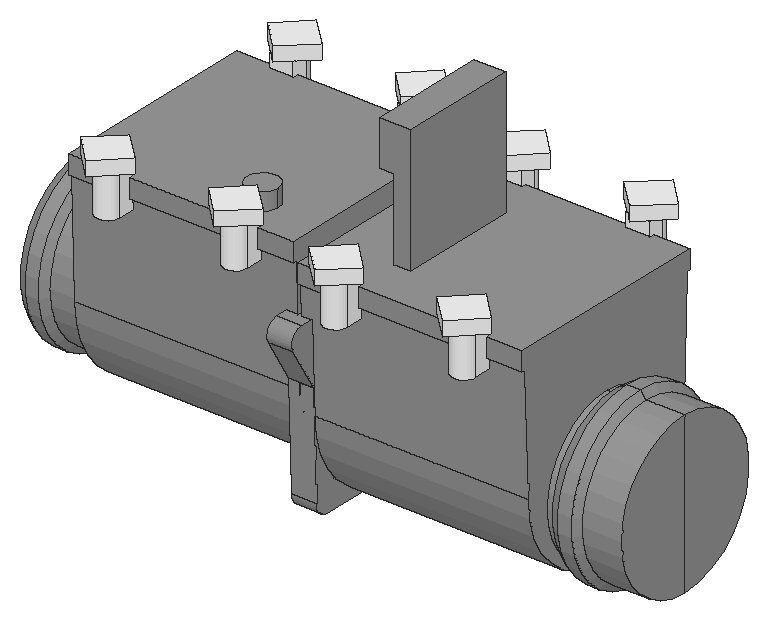
Revit family "HL_RU_Anti-flooding valve_HL712.2-A-171212", category Příslušenství trubek, Revit 2021
Family settings
  Kóta kulaté spojky = Použít průměr
  Typ dílu = Normální
  Číslo OmniClass = 23.65.55.14.21
  Nadpis OmniClass = Non-Return Valves for Liquid Services
  Založené na pracovní rovině = Ne
  Vždy vertikální = Ano
  Ořezat dutým tvarem při načtení = Ne
  Sdílené = Ne
Parameters (values of type "HL_Механический канализационный затвор_HL712.2")
  РАЗМЕР = "DN125"
  ПРОПУСКНАЯ СПОСОБНОСТЬ [instance] = 0.0 m³/h
  ПРАВОВАЯ ИНФОРМАЦИЯ = "\"Авторские права(©), права на дизайн или какие либо другие права интелектуальной собственности являются исключительной собственностью компании HL Hutterer & Lechner. Изменению не подлежит. Файл семейства с данными о прозводителе изделия защищен паролем с водяным знаком.\""
  ПАДЕНИЕ ДАВЛЕНИЯ [instance] = 0.0 Pa
  НОМИНАЛЬНЫЙ ДИАМЕТР 2 = 125 mm
  НОМИНАЛЬНЫЙ ДИАМЕТР = 125 mm
  МАТЕРИАЛ = "ABS"
  ВЫСОТА МОНТАЖА = "320 mm"
  ВЕС = "3,32 kg"
  Výrobce = "HL Hutterer & Lechner GmbH"
  Výchozí výška = 0 mm
  URL = "http://www.hutterer-lechner.com/ru/products/catalog/roof-drains/HL712.2.aspx"
  Popis = "Механический канализационный затвор"
  Model = "HL712.2"
  Komentáře k typům = "Механический канализационный затвор DN125 с 2 заслонками из нержавеющей стали и ручным затвором."
  Keynote = "HL712.2"
  EAN = "9003076971220"
  Cena = 0
Types (2, lengths in mm): name | URL | Popis | Komentáře k typům
  (no name) | "http://www.hutterer-lechner.com/en/products/catalog/roof-drains/HL712.2.aspx" | "Anti flood valves" | "anti-flood valve DN125 with 2 stainless steel flap and manual blocking"
  HL_Механический канализационный затвор_HL712.2 | "http://www.hutterer-lechner.com/ru/products/catalog/roof-drains/HL712.2.aspx" | "Механический канализационный затвор" | "Механический канализационный затвор DN125 с 2 заслонками из нержавеющей стали и ручным затвором."
Values of the unnamed type that differ from the named types
  ПРАВОВАЯ ИНФОРМАЦИЯ = "\"Copyright (©), design rights or any other intellectual property rights, shall be the exclusive property of HL Hutterer & Lechner GmbH. Modification is not allowed. Family has been watermarked.\""
Reference planes
  plane 1 "Střed (vpředu/vzadu)": y = 0
  plane 2: z = 0
  plane 3 "Střed (vlevo/vpravo)": x = 0
Forms (mm)
  Sweep 1, solid, material "Plastic - Orange", detail levels fine
    path origin (292.29, 0, 108.4) x (1, 0, 0) y (0, 1, 0)
      loop
        line (94.75, 0) -> (-94.75, 0)
    profile origin (292.29, 0, 108.4) x (0, -1, 0) y (0, 0, 1)
      loop
        line (0, 0) -> (-88.191, 0) -> (-88.191, -16) -> (-85.007, -16) -> (-81.547, -115.07)
        arc (-81.547, -115.07) -> (-58.136, -173.311) -> (0, -196.982) r 80.412
        arc (0, -196.982) -> (58.136, -173.311) -> (81.547, -115.07) r 80.412
        line (81.547, -115.07) -> (85.007, -16) -> (88.191, -16) -> (88.191, 0) -> (0, 0)
  Extrusion 2, solid, material "Plactic - White", detail levels fine
    sketch origin (292.29, 0, 108.4) x (1, 0, 0) y (0, 1, 0)
      loop
        line (54, -121.127) -> (76.627, -98.5) -> (54, -75.873) -> (31.373, -98.5) -> (54, -121.127)
    from 11.235 to 23.235
  Extrusion 3, solid, material "Plactic - White", detail levels fine
    sketch origin (292.29, 0, 119.635) x (0, 1, 0) y (1, 0, 0)
      loop
        arc (-98.5, 64) -> (-108.5, 54) -> (-98.5, 44) r 10
        line (-98.5, 44) -> (-84.694, 44) -> (-84.694, 64) -> (-98.5, 64)
    from 0 to 37.235
  Extrusion 4, solid, material "Plactic - White", detail levels fine
    sketch origin (184.29, 0, 108.4) x (1, 0, 0) y (0, 1, 0)
      loop
        line (54, -121.127) -> (76.627, -98.5) -> (54, -75.873) -> (31.373, -98.5) -> (54, -121.127)
    from 11.235 to 23.235
  Extrusion 5, solid, material "Plactic - White", detail levels fine
    sketch origin (184.29, 0, 119.635) x (0, 1, 0) y (1, 0, 0)
      loop
        arc (-98.5, 64) -> (-108.5, 54) -> (-98.5, 44) r 10
        line (-98.5, 44) -> (-84.694, 44) -> (-84.694, 64) -> (-98.5, 64)
    from 0 to 37.235
  Extrusion 6, solid, material "Plactic - White", detail levels fine
    sketch origin (292.29, 0, 108.4) x (1, 0, 0) y (0, 1, 0)
      loop
        line (54, 121.127) -> (31.373, 98.5) -> (54, 75.873) -> (76.627, 98.5) -> (54, 121.127)
    from 11.235 to 23.235
  Extrusion 7, solid, material "Plactic - White", detail levels fine
    sketch origin (292.29, 0, 119.635) x (0, -1, 0) y (1, 0, 0)
      loop
        arc (-98.5, 64) -> (-108.5, 54) -> (-98.5, 44) r 10
        line (-98.5, 44) -> (-84.694, 44) -> (-84.694, 64) -> (-98.5, 64)
    from 0 to 37.235
  Extrusion 8, solid, material "Plactic - White", detail levels fine
    sketch origin (184.29, 0, 108.4) x (1, 0, 0) y (0, 1, 0)
      loop
        line (54, 121.127) -> (31.373, 98.5) -> (54, 75.873) -> (76.627, 98.5) -> (54, 121.127)
    from 11.235 to 23.235
  Extrusion 9, solid, material "Plactic - White", detail levels fine
    sketch origin (184.29, 0, 119.635) x (0, 1, 0) y (1, 0, 0)
      loop
        line (98.5, 64) -> (84.694, 64) -> (84.694, 44) -> (98.5, 44)
        arc (98.5, 44) -> (108.5, 54) -> (98.5, 64) r 10
    from 0 to 37.235
  Revolve 10, solid, material "Plastic - Orange", not visible, detail levels fine
    sketch origin (296.226, 0, 106.353) x (1, 0, 0) y (0, 0, 1)
      loop
        line (157.469, -128.5) -> (90.814, -128.5) -> (90.814, -191) -> (157.469, -191) -> (157.469, -128.5)
      axis (157.469, -128.5) -> (90.814, -128.5)
    angle from 0 to 360
  Extrusion 11, solid, material "Plastic - Red", detail levels fine
    sketch origin (296.226, 0, 108.4) x (1, 0, 0) y (0, 0, 1)
      loop
        line (-60.186, 106.5) -> (-60.186, 68.5) -> (-47.686, 68.5) -> (-47.686, 0) -> (-33.686, 0) -> (-33.686, 106.5) -> (-60.186, 106.5)
    from -50 to 50
  Sweep 12, solid, material "Plastic - Orange", detail levels fine
    path origin (99.75, 0, 123.4) x (1, 0, 0) y (0, 1, 0)
      loop
        line (94.75, 0) -> (-94.75, 0)
    profile origin (99.75, 0, 123.4) x (0, -1, 0) y (0, 0, 1)
      loop
        line (0, 0) -> (-88.191, 0) -> (-88.191, -16) -> (-85.007, -16) -> (-81.547, -115.07)
        arc (-81.547, -115.07) -> (-58.136, -173.311) -> (0, -196.982) r 80.412
        arc (0, -196.982) -> (58.136, -173.311) -> (81.547, -115.07) r 80.412
        line (81.547, -115.07) -> (85.007, -16) -> (88.191, -16) -> (88.191, 0) -> (0, 0)
  Extrusion 13, solid, material "Plactic - White", detail levels fine
    sketch origin (99.75, 0, 123.4) x (1, 0, 0) y (0, 1, 0)
      loop
        line (54, -121.127) -> (76.627, -98.5) -> (54, -75.873) -> (31.373, -98.5) -> (54, -121.127)
    from 11.235 to 23.235
  Extrusion 14, solid, material "Plactic - White", detail levels fine
    sketch origin (99.75, 0, 134.635) x (0, 1, 0) y (1, 0, 0)
      loop
        arc (-98.5, 64) -> (-108.5, 54) -> (-98.5, 44) r 10
        line (-98.5, 44) -> (-84.694, 44) -> (-84.694, 64) -> (-98.5, 64)
    from 0 to 37.235
  Extrusion 15, solid, material "Plactic - White", detail levels fine
    sketch origin (-8.25, 0, 123.4) x (1, 0, 0) y (0, 1, 0)
      loop
        line (54, -121.127) -> (76.627, -98.5) -> (54, -75.873) -> (31.373, -98.5) -> (54, -121.127)
    from 11.235 to 23.235
  Extrusion 16, solid, material "Plactic - White", detail levels fine
    sketch origin (-8.25, 0, 134.635) x (0, 1, 0) y (1, 0, 0)
      loop
        arc (-98.5, 64) -> (-108.5, 54) -> (-98.5, 44) r 10
        line (-98.5, 44) -> (-84.694, 44) -> (-84.694, 64) -> (-98.5, 64)
    from 0 to 37.235
  Revolve 17, solid, material "Plastic - Orange", detail levels fine
    sketch origin (103.686, 0, 113.4) x (1, 0, 0) y (0, 0, 1)
      loop
        line (-156.6, -113.4) -> (-156.6, -180.418) -> (-147.791, -186.042) -> (-136.164, -186.448) -> (-131.953, -180.418) -> (-98.686, -180.418) -> (-98.686, -113.4) -> (-156.6, -113.4)
      axis (-98.686, -113.4) -> (-156.6, -113.4)
    angle from 0 to 360
  Extrusion 18, solid, material "Plactic - White", detail levels fine
    sketch origin (99.75, 0, 123.4) x (1, 0, 0) y (0, 1, 0)
      loop
        line (54, 121.127) -> (31.373, 98.5) -> (54, 75.873) -> (76.627, 98.5) -> (54, 121.127)
    from 11.235 to 23.235
  Extrusion 19, solid, material "Plactic - White", detail levels fine
    sketch origin (99.75, 0, 134.635) x (0, 1, 0) y (1, 0, 0)
      loop
        line (98.5, 64) -> (84.694, 64) -> (84.694, 44) -> (98.5, 44)
        arc (98.5, 44) -> (108.5, 54) -> (98.5, 64) r 10
    from 0 to 37.235
  Extrusion 20, solid, material "Plactic - White", detail levels fine
    sketch origin (-8.25, 0, 123.4) x (1, 0, 0) y (0, 1, 0)
      loop
        line (54, 121.127) -> (31.373, 98.5) -> (54, 75.873) -> (76.627, 98.5) -> (54, 121.127)
    from 11.235 to 23.235
  Extrusion 21, solid, material "Plactic - White", detail levels fine
    sketch origin (-8.25, 0, 134.635) x (0, 1, 0) y (1, 0, 0)
      loop
        line (98.5, 64) -> (84.694, 64) -> (84.694, 44) -> (98.5, 44)
        arc (98.5, 44) -> (108.5, 54) -> (98.5, 64) r 10
    from 0 to 37.235
  Extrusion 22, solid, material "Plastic - Orange", detail levels fine
    sketch origin (194.5, 0, 123.4) x (-1, 0, 0) y (0, -1, 0)
      loop
        circle (49.603, 59.107) r 13
    from 0 to 14.44
  Extrusion 23, solid, material "Plastic - Orange", detail levels fine
    sketch origin (200.477, 0, 123.4) x (0, 1, 0) y (0, 0, 1)
      loop
        line (0, -56.5) -> (-94.75, -56.5)
        arc (-94.75, -56.5) -> (-103.87, -61.797) -> (-103.788, -72.344) r 10.5
        line (-103.788, -72.344) -> (-82.294, -108.697) -> (-79.506, -197.494)
        arc (-79.506, -197.494) -> (-75.99, -205.983) -> (-67.5, -209.5) r 12.006
        line (-67.5, -209.5) -> (0, -209.5) -> (67.5, -209.5)
        arc (67.5, -209.5) -> (75.99, -205.983) -> (79.506, -197.494) r 12.006
        line (79.506, -197.494) -> (82.294, -108.697) -> (103.788, -72.344)
        arc (103.788, -72.344) -> (103.87, -61.797) -> (94.75, -56.5) r 10.5
        line (94.75, -56.5) -> (0, -56.5)
    from -14.769 to 6.071
  Revolve 24, solid, material "Plastic - Orange", detail levels fine
    sketch origin (552.381, 0, 91.253) x (1, 0, 0) y (0, 0, 1)
      loop
        line (-165.341, -113.4) -> (-165.341, -175.9) -> (-156.6, -175.9) -> (-156.6, -180.418) -> (-147.791, -186.042) -> (-136.164, -186.448) -> (-131.953, -180.418) -> (-98.686, -180.418) -> (-98.686, -113.4) -> (-165.341, -113.4)
      axis (-98.686, -113.4) -> (-165.341, -113.4)
    angle from 0 to 360
Lines and regions (mm)
  model lines, style "Symbol", detail levels coarse+medium
    curve 1: line (0, 0, 0) -> (453.695, 0, -23.04)
    curve 2: line (351.847, 0, -71.52) -> (351.847, 0, 48.48)
    curve 3: line (351.847, 0, 48.48) -> (101.847, 0, 48.48)
    curve 4: line (101.847, 0, -71.52) -> (101.847, 0, 48.48)
    curve 13: line (351.847, 0, -71.52) -> (101.847, 0, -71.52)
  symbolic lines, style "Symbol", detail levels coarse+medium
    curve 5: line (453.695, 0, 0) -> (0, 0, 0)
    curve 6: line (351.847, -60, 0) -> (351.847, 60, 0)
    curve 7: line (351.847, 60, 0) -> (101.847, 60, 0)
    curve 8: line (101.847, -60, 0) -> (101.847, 60, 0)
    curve 9: line (226.847, -105, 0) -> (226.847, 105, 0)
    curve 10: line (351.847, -60, 0) -> (101.847, -60, 0)
  model lines, detail levels coarse+medium
    curve 11: line (226.847, 0, -11.52) -> (226.847, 0, 93.48)
    curve 12: line (226.847, 0, -116.52) -> (226.847, 0, -11.52)
Dimensions and locks
  aligned and locked: level to plane 2
Connectors
  piping at (0, 0, 0), diameter 125, driven by "ПАДЕНИЕ ДАВЛЕНИЯ", driven by "НОМИНАЛЬНЫЙ ДИАМЕТР", driven by "ПРОПУСКНАЯ СПОСОБНОСТЬ"
    settings: on plane 3 "Střed (vlevo/vpravo)", index 1, connector inside diameter 609.6 mm, connector length 0 mm, flow factor 0, pipe flow 0.0 m³/h, pressure drop 0.0 Pa, fitting loss kfactor 0, connector angle 0.00°, fixture units 0, engagement length 0 mm, angle of deflection 0.00°, flow configuration 0, flow direction 0, fitting loss method 4, system type 16, joint type 0, gender type 0, connector reference index -1, connector utility 0, adjustable connector no, is connector primary yes, connector description ""
  piping at (453.695, 0, -22.147), diameter 125, driven by "НОМИНАЛЬНЫЙ ДИАМЕТР 2", driven by "ПРОПУСКНАЯ СПОСОБНОСТЬ"
    settings: on Revolve 10, index 2, connector inside diameter 609.6 mm, connector length 0 mm, flow factor 0, pipe flow 0.0 m³/h, pressure drop 0.0 Pa, fitting loss kfactor 0, connector angle 0.00°, fixture units 0, engagement length 0 mm, angle of deflection 0.00°, flow configuration 1, flow direction 2, fitting loss method 4, system type 16, joint type 0, gender type 0, connector reference index -1, connector utility 0, adjustable connector no, is connector primary no, connector description ""
